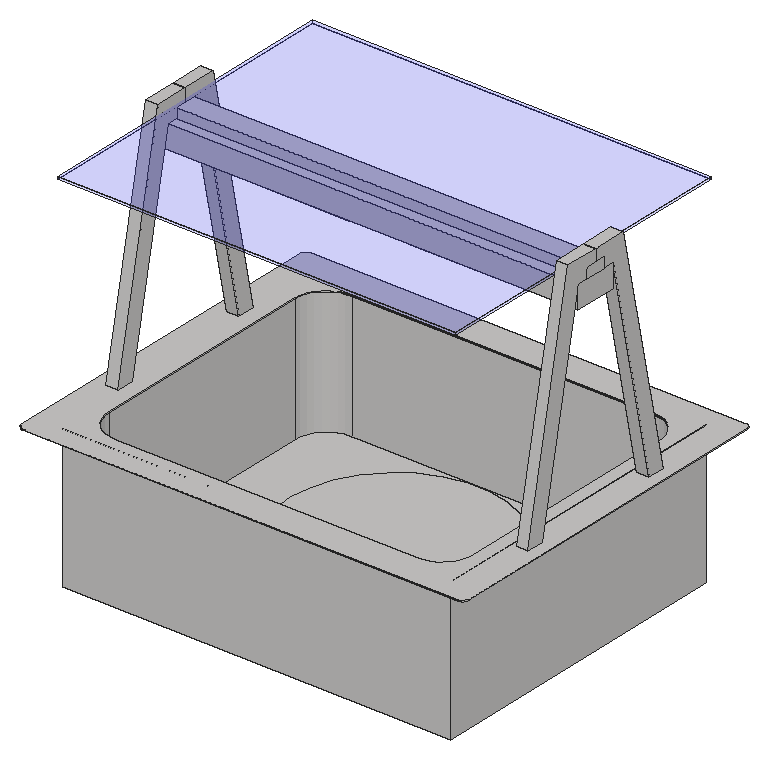
Revit family "QF_ELECTROLUXPROFESSIONAL_CC0HMW_CC0HMW", category Specialty Equipment, Revit 2023
Family settings
  Round Connector Dimension = Use Diameter
  Part Type = Normal
  Work Plane-Based = No
  Enable Cutting in Views = No
  Always vertical = Yes
  Cut with Voids When Loaded = No
  Maintain Annotation Orientation = No
  Shared = No
  Room Calculation Point = No
Parameters (values of type "Standard")
  Weight = 38.96 kg
  Watts = 0 W
  Volts = 220 V
  URL Manufacturer = "https://www.electroluxprofessional.com/"
  URL = "https://www.electroluxprofessional.com/"
  Steam Supply Size = 0 mm
  Steam Supply Minimum Pressure = 0.0 Pa
  Steam Supply Maximum Pressure = 0.0 Pa
  Steam Consumption per Hour = 0
  Refrigeration Suction Line Size = 0 mm
  Refrigeration Liquid Line Size = 0 mm
  Refrigerant Compressor Remote = yes
  Default Elevation = 0 mm
  Manufacturer = "Electrolux Professional"
  Phase = 1
  Model = "CC0HMW"
  Length Actual = 770 mm  # constant formula
  Item Number = "CC0HMW"
  Hot Water Size = 0 mm
  Height Actual = 680 mm  # constant formula
  HP = "0 HP"
  Gas Size = 0 mm
  Gas KW = 0
  Gas Input Pressure = 0 W
  Direct Waste Size = 0 mm
  Description = "DROP-IN BAIN-MARIE, AIR VENTILATED, SINGLE WELL, 2GN WITH A TYPE OVERSHELF AND HALOGEN LAMP"
  Depth Actual = 620 mm  # constant formula
  Cycle = 50 Hz
  Condensate Return Size = 0 mm
  Compressed Air Volume = 0.0 L/s
  Compressed Air Size = 0 mm
  Compressed Air Pressure = 0.0 Pa
  Cold Water Size = 0 mm
  Accessory = yes
Reference planes
  plane 1 "BACK": y = 0
  plane 2: z = 5.426
  plane 3 "LEFT": x = 0
  plane 4: y = -620
  plane 5: z = 409.426
  plane 6: y = -310
Forms (mm)
  Extrusion 1, solid, material "QF_Finishes_Stainless Steel"
    sketch origin (-650, 0, 5.426) x (1, 0, 0) y (0, 1, 0)
      loop
        arc (660, 0) -> (652.929, -2.929) -> (650, -10) r 10
        line (650, -10) -> (650, -610)
        arc (650, -610) -> (652.929, -617.071) -> (660, -620) r 10
        line (660, -620) -> (1410, -620)
        arc (1410, -620) -> (1417.071, -617.071) -> (1420, -610) r 10
        line (1420, -610) -> (1420, -10)
        arc (1420, -10) -> (1417.071, -2.929) -> (1410, 0) r 10
        line (1410, 0) -> (660, 0)
    from 0 to 1
  Extrusion 2, solid, material "QF_Finishes_Stainless Steel"
    sketch origin (0, 0, 12.548) x (1, 0, 0) y (0, 1, 0)
      loop
        line (50, -35) -> (50, -585) -> (720, -585) -> (720, -35) -> (50, -35)
    from -251.122 to -7.122
  Extrusion 3, void
    sketch origin (0, 0, -2.817) x (1, 0, 0) y (0, 1, 0)
      loop
        arc (125, -55) -> (86.109, -71.109) -> (70, -110) r 55
        line (70, -110) -> (70, -510)
        arc (70, -510) -> (86.109, -548.891) -> (125, -565) r 55
        line (125, -565) -> (644.507, -565)
        arc (644.507, -565) -> (683.398, -548.891) -> (699.507, -510) r 55
        line (699.507, -510) -> (699.507, -110)
        arc (699.507, -110) -> (683.398, -71.109) -> (644.507, -55) r 55
        line (644.507, -55) -> (125, -55)
    from -209.107 to 9.244
  Extrusion 4, solid, material "QF_Finishes_Stainless Steel"
    sketch origin (21.5, -620, 0) x (0, -1, 0) y (0, 0, -1)
      loop
        line (-310, -409.426) -> (-250.873, -409.426) -> (-165, -5.426) -> (-195, -5.426) -> (-272.583, -370.426) -> (-310, -370.426) -> (-310, -409.426)
    from 0 to 20
  Extrusion 5, solid, material "QF_Finishes_Stainless Steel"
    sketch origin (21.5, 0, 0) x (0, 1, 0) y (0, 0, 1)
      loop
        line (-310, 409.426) -> (-310, 370.426) -> (-272.583, 370.426) -> (-195, 5.426) -> (-165, 5.426) -> (-250.873, 409.426) -> (-310, 409.426)
    from 0 to 20
  Extrusion 6, solid, material "QF_Finishes_Stainless Steel"
    sketch origin (749, -620, 0) x (0, -1, 0) y (0, 0, 1)
      loop
        line (-310, 409.426) -> (-310, 370.426) -> (-272.583, 370.426) -> (-195, 5.426) -> (-165, 5.426) -> (-250.873, 409.426) -> (-310, 409.426)
    from 0 to 20
  Extrusion 7, solid, material "QF_Finishes_Stainless Steel"
    sketch origin (749, 0, 0) x (0, 1, 0) y (0, 0, -1)
      loop
        line (-310, -409.426) -> (-250.873, -409.426) -> (-165, -5.426) -> (-195, -5.426) -> (-272.583, -370.426) -> (-310, -370.426) -> (-310, -409.426)
    from 0 to 20
  Extrusion 8, solid, material "QF_Finishes_Stainless Steel"
    sketch origin (0, 0, 0) x (0, 1, 0) y (0, 0, 1)
      loop
        line (-291.292, 370.426) -> (-291.292, 387.956) -> (-328.917, 387.956) -> (-328.917, 370.426) -> (-291.292, 370.426)
    from 21.5 to 749
  Extrusion 9, solid, material "Vetro"
    sketch origin (-15.44, 0, 5.426) x (1, 0, 0) y (0, 1, 0)
      loop
        line (56.94, -35) -> (56.94, -585) -> (744.44, -585) -> (744.44, -35) -> (56.94, -35)
    from 382.529 to 387.529
  Extrusion 10, solid, material "QF_Finishes_Stainless Steel"
    sketch origin (329.693, -341.308, -643.387) x (0, 0, -1) y (0, 1, 0)
      loop
        circle (-372.814, -140.692) r 12.7
    from 5 to 70.307
  Extrusion 11, solid, material "QF_Finishes_Stainless Steel"
    sketch origin (0, 0, 0) x (0, 1, 0) y (0, 0, 1)
      loop
        line (-272.583, 370.426) -> (-347.583, 370.426) -> (-347.583, 330.426) -> (-272.583, 330.426) -> (-272.583, 370.426)
    from 21.5 to 749
  Extrusion 12, solid, material "QF_Finishes_Stainless Steel"
    sketch origin (34.947, 0, 0) x (0, 1, 0) y (0, 0, 1)
      loop
        line (-280.414, 330.426) -> (-340.414, 330.426) -> (-340.414, 325.426) -> (-280.414, 325.426) -> (-280.414, 330.426)
    from 113.553 to 313.553
  Extrusion 13, solid, material "QF_Finishes_Stainless Steel"
    sketch origin (769.053, 0, 0) x (0, 1, 0) y (0, 0, -1)
      loop
        line (-280.414, -330.426) -> (-280.414, -325.426) -> (-340.414, -325.426) -> (-340.414, -330.426) -> (-280.414, -330.426)
    from 113.553 to 313.553
  Extrusion 14, solid, material "QF_Finishes_Stainless Steel"
    sketch origin (0, 0, 5.426) x (1, 0, 0) y (0, 1, 0)
      loop
        circle (386.025, -481.971) r 12.675
    from -276 to -244
  Extrusion 15, solid, material "QF_Finishes_Stainless Steel"
    sketch origin (1420, 0, 22.375) x (-1, 0, 0) y (0, -1, 0)
      loop
        circle (1015.693, 310) r 180
    from -234.299 to -181.299
  Extrusion 16, solid, material "QF_Finishes_Stainless Steel"
    sketch origin (0, 0, 0.351) x (0, 1, 0) y (0, 0, 1)
      loop
        line (-161.185, -238.924) -> (-461.185, -238.924) -> (-461.185, -268.924) -> (-161.185, -268.924) -> (-161.185, -238.924)
    from 247.74 to 572.66
Cuts and joins
  Extrusion 3 cuts Extrusion 1
  Extrusion 3 cuts Extrusion 2
Dimensions and locks
  equal spacing: Extrusion 1, Extrusion 2 sketch curve, Extrusion 2 sketch curve, Extrusion 1  (x2)
  Extrusion 1 to Extrusion 1 = 770 mm
  Extrusion 1 to plane 1 "BACK" = 620 mm
  equal spacing: Extrusion 2, Extrusion 3 sketch curve, Extrusion 3 sketch curve, Extrusion 2  (x2)
  plane 5 to plane 2 = 404 mm
  Extrusion 11 sketch curve to cut or joined group of Extrusion 1, Extrusion 3 = 324 mm
  aligned and locked: level to plane 2
Connectors
  piping at (334.693, -482, -270.574), diameter 25.4
    settings: on Extrusion 10, index 5, connector inside diameter 609.6 mm, connector length 0 mm, flow factor 0, pipe flow 0.0 L/s, pressure drop 0.0 Pa, fitting loss kfactor 0, connector angle 0.00°, fixture units 0, engagement length 0 mm, angle of deflection 0.00°, flow configuration 0, flow direction 0, fitting loss method 0, system type 29, joint type 0, gender type 0, connector reference index -1, connector utility 0, adjustable connector no, is connector primary yes, connector description "D"
